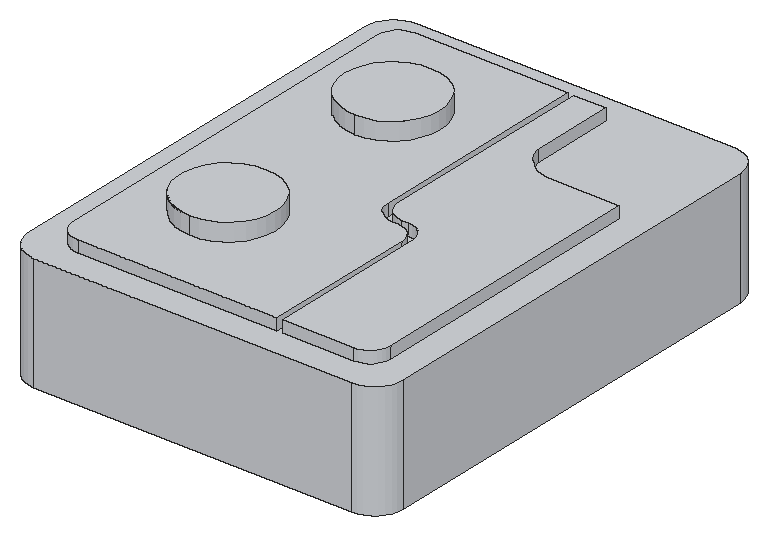
Revit family "HUNTER_FLOW-CLIK Interface Module", category Electrical Fixtures, host Face, Revit 2017
Family settings
  Host = Face
  Maintain Annotation Orientation = No
  Round Connector Dimension = Use Diameter
  Part Type = Normal
  OmniClass Number = 23.27.11.11.23
  Cut with Voids When Loaded = No
  Shared = Yes
  Room Calculation Point = No
Parameters (values of type "WR-CLIK-R")
  Panel length = 100 mm
  Panel height = 83 mm
  Distance Coverage = 300000 mm  # constant formula
  URL = "https://www.hunterindustries.com/irrigation-product/sensors/flow-clikr"
  Type Comments = "FLOW-CLIK® Interface Panel"
  Panel Symbol = yes
  Panel Coverage Zone = yes
  Rain-Clik = 0 mm
  FLOW-CLIK Module = "Flow- Clik Interface Panel"
  Power = Current * Input Voltage  # 0.72 VA
  Model = "FLOW-CLIK®"
  Manufacturer = "Hunter® Industries"
  Keynote = "32 84 23.05"
  Input Voltage = 24 V  # constant formula
  Description = "FLOW-CLIK® Flow-Sensor Interface Panel"
  Default Elevation = 1219.2 mm
  Current = 0.03 A  # constant formula
  Assembly Code = "G4030100"
Reference planes
  plane 1 "Center (Front/Back)": y = 0
  plane 2: z = 0
  plane 3 "Center (Left/Right)": x = 0
Forms (mm)
  Extrusion 1, solid
    sketch origin (0, 0, 0) x (0, 1, 0) y (-1, 0, 0)
      loop
        arc (-36.5, 50) -> (-40.036, 48.536) -> (-41.5, 45) r 5
        line (-41.5, 45) -> (-41.5, -10)
        arc (-41.5, -10) -> (-40.036, -13.536) -> (-36.5, -15) r 5
        line (-36.5, -15) -> (36.5, -15)
        arc (36.5, -15) -> (40.036, -13.536) -> (41.5, -10) r 5
        line (41.5, -10) -> (41.5, 45)
        arc (41.5, 45) -> (40.036, 48.536) -> (36.5, 50) r 5
        line (36.5, 50) -> (-36.5, 50)
    from 0 to 20
  Extrusion 2, solid
    sketch origin (0, 0, 0) x (0, 1, 0) y (-1, 0, 0)
      loop
        arc (-3.638, 54.933) -> (-3.593, 52.266) -> (-5, 50) r 4.722
        line (-5, 50) -> (5, 50)
        arc (5, 50) -> (3.528, 52.53) -> (3.83, 55.441) r 4.722
        arc (3.83, 55.441) -> (-0.272, 60.587) -> (-3.638, 54.933) r 4
    from 0 to 5
  Extrusion 3, solid
    sketch origin (0, 0, 0) x (0, 1, 0) y (-1, 0, 0)
      loop
        line (33, 45) -> (-33, 45)
        arc (-33, 45) -> (-35.475, 43.975) -> (-36.5, 41.5) r 3.5
        line (-36.5, 41.5) -> (-36.5, 6.854) -> (-9.542, 6.854)
        arc (-9.542, 6.854) -> (-7.067, 7.879) -> (-6.042, 10.354) r 3.5
        line (-6.042, 10.354) -> (-6.042, 11.354)
        arc (-6.042, 11.354) -> (-5.017, 13.829) -> (-2.542, 14.854) r 3.5
        line (-2.542, 14.854) -> (36.5, 14.854) -> (36.5, 41.5)
        arc (36.5, 41.5) -> (35.475, 43.975) -> (33, 45) r 3.5
      loop
        line (-33, -10) -> (16.5, -10) -> (16.5, 2.439)
        arc (16.5, 2.439) -> (18.165, 6.179) -> (21.669, 8.293) r 6.828
        line (21.669, 8.293) -> (36.5, 8.293) -> (36.5, 13.854) -> (-1.542, 13.854)
        arc (-1.542, 13.854) -> (-4.017, 12.829) -> (-5.042, 10.354) r 3.5
        line (-5.042, 10.354) -> (-5.042, 9.354)
        arc (-5.042, 9.354) -> (-6.067, 6.879) -> (-8.542, 5.854) r 3.5
        line (-8.542, 5.854) -> (-36.5, 5.854) -> (-36.5, -6.5)
        arc (-36.5, -6.5) -> (-35.475, -8.975) -> (-33, -10) r 3.5
    from 20 to 22
  Extrusion 4, solid
    sketch origin (0, 0, 0) x (0, 1, 0) y (-1, 0, 0)
      loop
        circle (17.843, 30.324) r 8.241
      loop
        circle (-17.843, 30.324) r 8.241
    from 22 to 25
Dimensions and locks
  aligned and locked: plane 2 to host face
  aligned and locked: level to host face
Nested families
  nested 1: "Coverage Symbol" at (0, 0, 168.529) x (-1, 0, 0) z (0, -1, 0), visible <- "Panel Coverage Zone", Coverage <- "Distance Coverage", type "Coverage Symbol"
    with Extension_2 322000 mm, Extension_1 307000 mm, Ext.02 no, Ext.01 no, Coverage 300000 mm
  nested 2: "HUNTER FLOW-CLIK SYMBOL" at (0, 0, 0) x (1, 0, 0) z (0, -1, 0), visible <- "Panel Symbol", type "SYMBOL"
Connectors
  electrical at (15, 0, 10), driven by "Input Voltage", driven by "Power"
    settings: on Extrusion 1, index 1, voltage 24 V, apparent load 0.72 VA, apparent load phase1 0 VA, apparent load phase2 0 VA, apparent load phase3 0 VA, power factor 1, load classification "Other", number of poles 1, system type 30, power factor state 1, is connector primary yes, connector utility no, sub classification motor no, connector description "Flow-Clik Interface Module"
Definition of nested family "Coverage Symbol"
  Parameters (values of type "Coverage Symbol")
    Extension_2 [instance] = Extension_1 + 15000 mm  # 30000 mm
    Extension_1 [instance] = Coverage + 7000 mm  # 15000 mm
    Ext.02 [instance] = yes
    Ext.01 [instance] = yes
    Coverage [instance] = 8000 mm
  Reference planes
    plane 1 "Center (Front/Back)": y = 0
    plane 2: z = 0
    plane 3 "Center (Left/Right)": x = 0
  Lines and regions (mm)
    Filled region 1, type "Concrete", in view "Ref. Level"
      outline origin (0, 0, 0) x (1, 0, 0) y (0, 1, 0)
        loop
          circle (0, 0) r 8000
    Filled region 2, type "Concrete 2", in view "Ref. Level", visible <- "Ext.01"
      outline origin (0, 0, 0) x (1, 0, 0) y (0, 1, 0)
        loop
          circle (0, 0) r 8000
        loop
          circle (0, 0) r 15000
    Filled region 3, type "Concrete 3", in view "Ref. Level", visible <- "Ext.02"
      outline origin (0, 0, 0) x (1, 0, 0) y (0, 1, 0)
        loop
          circle (0, 0) r 15000
        loop
          circle (0, 0) r 30000
  Dimensions and locks
    "Coverage": radius of Filled region 1 sketch curve
    "Coverage": radius of Filled region 2 sketch curve
    "Extension_1": radius of Filled region 2 sketch curve
    "Extension_1": radius of Filled region 3 sketch curve
    "Extension_2": radius of Filled region 3 sketch curve
  Automatic sketch dimensions
    plane 1 "Center (Front/Back)" to Filled region 1 sketch curve = 0 mm
    Filled region 1 sketch curve to plane 3 "Center (Left/Right)" = 0 mm
    Filled region 2 sketch curve to Filled region 2 sketch curve = 0 mm  (x6)
    Filled region 2 sketch curve to plane 1 "Center (Front/Back)" = 0 mm
    Filled region 2 sketch curve to plane 3 "Center (Left/Right)" = 0 mm
    Filled region 3 sketch curve to Filled region 3 sketch curve = 0 mm  (x6)
    Filled region 3 sketch curve to plane 1 "Center (Front/Back)" = 0 mm
    Filled region 3 sketch curve to plane 3 "Center (Left/Right)" = 0 mm
Definition of nested family "HUNTER FLOW-CLIK SYMBOL"
  Parameters (values of type "SYMBOL")
    Solar Sync Receiver = no
    Solar Sync = no
    Rain Clik Receiver = no
    Rain Clik = no
    Flow Clik Module = yes
    Flow Clik = no
  Reference planes
    plane 1 "Center (Front/Back)": y = 0
    plane 2: z = 0
    plane 3 "Center (Left/Right)": x = 0
  Lines and regions (mm)
    detail lines, in view "Ref. Level"
      curve 1: circle (0, 0, 0) r 150 normal (0, 0, 1)
